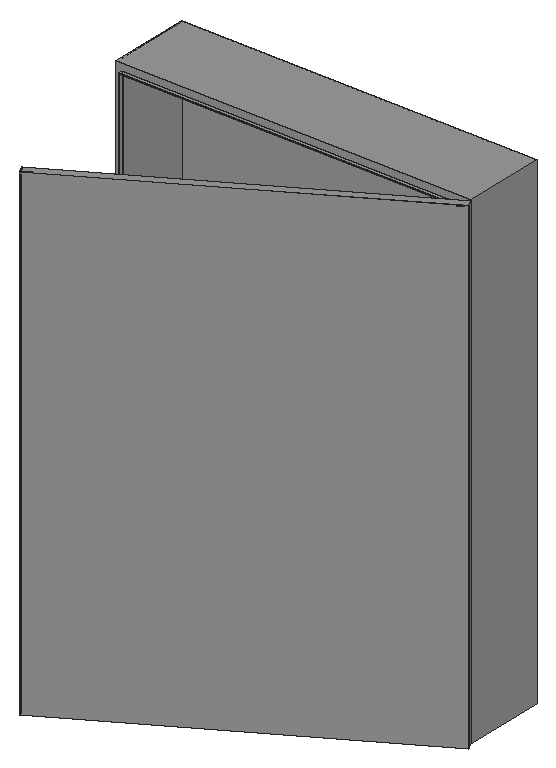
Revit family "Hager-Univers-IP54-D205-H1100-Cl.I-Encl-NoHosted-CH-en", category Equipement électrique, Revit 2020
Family settings
  Configuration du panneau = Deux colonnes, circuits au sein
  Cote de connecteur circulaire = Utiliser le diamètre
  Type d'élément = Tableau de raccordement
  Basée sur le plan de construction = Oui
  Toujours verticalement = Oui
  Couper avec des vides une fois chargée = Non
  Partagée = Non
  Point de calcul de pièce = Non
Parameters (values of type "Surface mounted (plaster) IP54 W800 H1100 D205  - FP73TW2")
  Width Control [instance] = if([EF000008 - Width] > Min Width, [EF000008 - Width], Min Width)  # 800 mm
  Commentaires du type = [HG000003 - Range]  # "Univers"
  Thickness Door [instance] = if([EF009171 - Material plate thickness door/cover] > 3 mm, 3 mm, [EF009171 - Material plate thickness door/cover])  # 1 mm
  Seal Frame Offset [instance] = 17 mm  # constant formula
  Plinth Visibility [instance] = [HG000027 - Plinth height] > 0 mm  # no
  Min Width [instance] = 100 mm  # constant formula
  Min Depth [instance] = (2 * [EF009170 - Material plate thickness cabinet]) + 1 mm  # 3 mm
  Min Height [instance] = 100 mm  # constant formula
  Internal Frame Depth [instance] = (Door System Depth * 0.5)  # 9 mm
  Panel Name [instance] = ""  # (empty or 0)
  Model = ""
  HG000027 - Plinth height = 0 mm
  HG000026 - Floor standing = no
  HG000024 - Bottom section height = 600 mm
  HG000023 - Double section enclosure = no
  HG000016 - Door 3d visibility [instance] = yes
  HG000015 - Clearance visibility [instance] = no
  HG000014 - Door on the right [instance] = yes
  HG000013 - Door on the left [instance] = not([HG000014 - Door on the right])  # no
  HG000012 - Door swing angle [instance] = 30.00°
  HG000010 - Asymmetric doors = no
  HG000009 - Double swing door = no
  HG000006 - Flush mounted = no
  HG000004 - Manufacturer reference = "FP73TW2"
  HG000003 - Range = "Univers"
  HG000002 - With door or cover = yes
  Frame Offset Bottom [instance] = 10 mm  # constant formula
  Frame Offset [instance] = 15 mm  # constant formula
  EF015940 - Cover with overpressure release = no
  EF011959 - Degree of protection (NEMA) = ""
  EF009554 - Number of openings for flange plates = 6
  EF009212 - Cover model = "EV000116 - Closed"
  EF009171 - Material plate thickness door/cover = 1 mm
  EF009170 - Material plate thickness cabinet = 1 mm
  EF008873 - Nominal current (In) = 250 A
  EF007800 - Suitable for lightning protection = no
  EF006306 - With lock = no
  EF006244 - Transparent cover/door = no
  EF005474 - Degree of protection (IP) = "EV006419 - IP54"
  EF004464 - Type of door = "EV002646 - Single"
  EF004427 - Number of modules = 252
  EF004293 - Impact strength = "EV006815 - IK09"
  EF003532 - Suitable for outdoor use = no
  EF002950 - Width in number of modular spacings = 36
  EF001613 - Circuit integrity = "EV000494 - None"
  EF001596 - Material housing = "EV000179 - Steel"
  EF001131 - Internal depth = 130 mm
  EF001088 - Extension possible = yes
  EF000437 - Number of conduit inlets = 6
  EF000339 - Type of cover = "EV001012 - Cover"
  EF000266 - Number of rows = 7
  EF000218 - Built-in depth = 205 mm
  EF000118 - With mounting plate = no
  EF000116 - RAL-number = "9010"
  EF000049 - Depth = 205 mm
  EF000040 - Height = 1100 mm
  EF000008 - Width = 800 mm
  EF000007 - Colour = "EV000202 - White"
  EF000003 - Mounting method = "EV000384 - Surface mounted (plaster)"
  Door System Leaf Tolerance [instance] = 1.5 mm  # constant formula
  Door System Depth [instance] = 18 mm  # constant formula
  Door Height [instance] = Height Control - [HG000027 - Plinth height]  # 1100 mm
  Description = ""
  Default Elevation = 1219.2 mm
  Connector Offset [instance] = Height Control / 2  # 550 mm
  Fabricant = "Hager"  # constant formula
  Height Control [instance] = if([EF000040 - Height] > Min Height, [EF000040 - Height], Min Height)  # 1100 mm
  Depth Control [instance] = if([EF000049 - Depth] > Min Depth, [EF000049 - Depth], Min Depth)  # 205 mm
  Bottom Top Plate Trim [instance] = 1.5 mm  # constant formula
  Plinth height Ctrl [instance] = if([HG000027 - Plinth height] > 0 mm, [HG000027 - Plinth height], 12 mm)  # 12 mm
Types (4, lengths in mm): name | Width Control | HG000004 - Manufacturer reference | EF009554 - Number of openings for flange plates | EF004464 - Type of door | EF004427 - Number of modules | EF002950 - Width in number of modular spacings | EF000437 - Number of conduit inlets | EF000008 - Width
  Surface mounted (plaster) IP54 W1050 H1100 D205  - FP74TW2 | 1050 | "FP74TW2" | 8 | "EV003602 - Double" | 336 | 48 | 8 | 1050
  Surface mounted (plaster) IP54 W1300 H1100 D205  - FP75TW2 | 1300 | "FP75TW2" | 10 | "EV003602 - Double" | 420 | 60 | 10 | 1300
  Surface mounted (plaster) IP54 W550 H1100 D205  - FP72TW2 | 550 | "FP72TW2" | 4 | "EV002646 - Single" | 168 | 24 | 4 | 550
  Surface mounted (plaster) IP54 W800 H1100 D205  - FP73TW2 | 800 | "FP73TW2" | 6 | "EV002646 - Single" | 252 | 36 | 6 | 800
Reference planes
  plane 1 "Center (Front/Back)": y = 0
  plane 2: z = 0
  plane 3 "Center (Left/Right)": x = 0
  plane 4: y = 0
  plane 5: y = 0
  plane 6: z = 0
  plane 7: x = -400
  plane 8: x = 400
  plane 9: x = 399
  plane 10: x = -399
  plane 11: z = 0
  plane 12: z = 1
  plane 13: y = -205
  plane 14: y = -1
  plane 15: x = 0
  plane 16: y = -187
  plane 17: y = -204
  plane 18: y = -186
  plane 19: x = -384
  plane 20: x = 384
  plane 21: z = 11
  plane 22: x = -383
  plane 23: x = 383
  plane 24: z = 0
  plane 25: z = 1100
  plane 26: z = 1100
  plane 27: z = 1084
  plane 28: z = 1099
Forms (mm)
  Extrusion 1, solid, material "Hager_Steel_RAL7035_Light_Grey", detail levels medium+fine
    sketch origin (-208.679, -4572, 0) x (-1, 0, 0) y (0, -1, 0)
      loop
        line (191.321, -4385) -> (-608.679, -4385) -> (-608.679, -4572) -> (191.321, -4572) -> (191.321, -4385)
    from 0 to 1100
  Extrusion 2, void
    sketch origin (-350.771, -205, 1219.2) x (1, 0, 0) y (0, 0, 1)
      loop
        line (-48.229, -120.2) -> (-48.229, -1218.2) -> (749.771, -1218.2) -> (749.771, -120.2) -> (-48.229, -120.2)
    from -19 to -204
  Extrusion 3, void
    sketch origin (-290.084, -187, 1219.2) x (1, 0, 0) y (0, 0, 1)
      loop
        line (-93.916, -1208.2) -> (674.084, -1208.2) -> (674.084, -135.2) -> (-93.916, -135.2) -> (-93.916, -1208.2)
    from 0 to -1
  Extrusion 4, solid, material "Hager_Steel_RAL7035_Light_Grey", visible <- "Plinth Visibility", detail levels medium+fine
    sketch origin (0, 0, 0) x (1, 0, 0) y (0, 1, 0)
      loop
        line (-400, 0) -> (-400, -187) -> (400, -187) -> (400, 0) -> (-400, 0)
    from 0 to 12 <- "Plinth height Ctrl"
  Extrusion 5, solid, material "Hager_Steel_RAL7035_Light_Grey", detail levels coarse
    sketch origin (0, 0, 0) x (1, 0, 0) y (0, 1, 0)
      loop
        line (-400, 0) -> (-400, -205) -> (400, -205) -> (400, 0) -> (-400, 0)
    from 0 to 1100 <- "Height Control"
  Sweep 6, void
    path in 3D
      loop
        line (-400, -187, 12) -> (400, -187, 12) -> (400, 0, 12) -> (-400, 0, 12) -> (-400, -187, 12)
    profile origin (-400, -93.5, 12) x (1, 0, 0) y (0, 0, 1)
      loop
        line (0, 0) -> (0, -1.5) -> (1.5, -1.5)
        arc (1.5, -1.5) -> (1.061, -0.439) -> (0, 0) r 1.5
  Extrusion 7, solid, material "Hager_Steel_RAL7035_Light_Grey", detail levels fine
    sketch origin (-400, -187, 0) x (1, 0, 0) y (0, 0, 1)
      loop
        line (16, 11) -> (784, 11) -> (784, 1084) -> (16, 1084) -> (16, 11)
      loop
        line (15, 10) -> (785, 10) -> (785, 1085) -> (15, 1085) -> (15, 10)
    from 0 to 9 <- "Internal Frame Depth"
Cuts and joins
  Extrusion 2, Extrusion 3 cuts Extrusion 1
  Sweep 6 cuts Extrusion 4
Lines and regions (mm)
  Masking region 1
    outline origin (0, 0, 0) x (1, 0, 0) y (0, 1, 0)
      loop
        line (-400, 0) -> (-400, -205) -> (400, -205) -> (400, 0) -> (-400, 0)
  Masking region 2, detail levels coarse
    outline origin (-290.084, -187, 1219.2) x (-1, 0, 0) y (0, 0, 1)
      loop
        line (-690.084, -1219.2) -> (109.916, -1219.2) -> (109.916, -119.2) -> (-690.084, -119.2) -> (-690.084, -1219.2)
  Masking region 3, detail levels coarse
    outline origin (0, 0, 0) x (0, 1, 0) y (0, 0, 1)
      loop
        line (0, 0) -> (0, 1100) -> (-205, 1100) -> (-205, 0) -> (0, 0)
  Masking region 4, visible <- "Plinth Visibility", detail levels medium+fine
    outline origin (0, 0, 0) x (0, 1, 0) y (0, 0, 1)
      loop
        line (-1.5, 12) -> (-185.5, 12)
        arc (-185.5, 12) -> (-185.939, 10.939) -> (-187, 10.5) r 1.5
        line (-187, 10.5) -> (-187, 0) -> (0, 0) -> (0, 10.5)
        arc (0, 10.5) -> (-1.061, 10.939) -> (-1.5, 12) r 1.5
  Masking region 5, detail levels medium+fine
    outline origin (0, 0, 594.038) x (0, 1, 0) y (0, 0, 1)
      loop
        line (0, -594.038) -> (0, 505.962) -> (-187, 505.962) -> (-187, -594.038) -> (0, -594.038)
  Masking region 6, detail levels medium+fine
    outline origin (-359.7, -187, 1211.883) x (-1, 0, 0) y (0, 0, 1)
      loop
        line (-759.7, -1211.883) -> (40.3, -1211.883) -> (40.3, -111.883) -> (-759.7, -111.883) -> (-759.7, -1211.883)
  Masking region 7, visible <- "Plinth Visibility", detail levels medium+fine
    outline origin (-320.334, -187, 1041.368) x (-1, 0, 0) y (0, 0, 1)
      loop
        line (-720.334, -1041.368) -> (79.666, -1041.368) -> (79.666, -1030.868)
        arc (79.666, -1030.868) -> (78.606, -1030.429) -> (78.166, -1029.368) r 1.5
        line (78.166, -1029.368) -> (-718.834, -1029.368)
        arc (-718.834, -1029.368) -> (-719.273, -1030.429) -> (-720.334, -1030.868) r 1.5
        line (-720.334, -1030.868) -> (-720.334, -1041.368)
  sketch lines
    curve 1: line (-400, 0, 12) -> (-400, -187, 12)
    curve 2: line (-400, -187, 12) -> (400, -187, 12)
    curve 3: line (400, 0, 12) -> (-400, 0, 12)
    curve 4: line (400, -187, 12) -> (400, 0, 12)
Dimensions and locks
  locked: plane 1 "Center (Front/Back)" to plane 5
  "EF009170 - Material plate thickness cabinet": plane 7 to plane 10
  "EF009170 - Material plate thickness cabinet": plane 8 to plane 9
  equal spacing: plane 7, plane 3 "Center (Left/Right)", plane 8
  "Width Control": plane 7 to plane 8
  "Depth Control": plane 4 to plane 13
  "EF009170 - Material plate thickness cabinet": plane 4 to plane 14
  "Height Control": plane 25 to level
  "HG000027 - Plinth height": plane 11 to level
  "EF009170 - Material plate thickness cabinet": plane 12 to plane 11
  "EF009170 - Material plate thickness cabinet": plane 17 to plane 13
  "EF009170 - Material plate thickness cabinet": plane 18 to plane 16
  "Frame Offset Bottom": plane 21 to plane 12
  "Frame Offset": plane 10 to plane 19
  "Frame Offset": plane 9 to plane 20
  "Door System Depth": plane 16 to plane 13
  "Seal Frame Offset": plane 7 to plane 22
  "Seal Frame Offset": plane 8 to plane 23
  "EF009170 - Material plate thickness cabinet": plane 26 to plane 28
  "Frame Offset": plane 28 to plane 27
  "Connector Offset": plane 2 to connector elem
  "Bottom Top Plate Trim": profile plane to Sweep 6 sketch curve
  "Bottom Top Plate Trim": Sweep 6 sketch curve to Sweep 6 sketch curve
  "Plinth height Ctrl": Masking region 4 sketch curve to level
  "Plinth height Ctrl": Masking region 7 sketch curve to level
  "Thickness Door": Extrusion 7 sketch curve to Extrusion 7 sketch curve  (x4)
  "Bottom Top Plate Trim": radius of Sweep 6 sketch curve
  "Bottom Top Plate Trim": radius of Masking region 4 sketch curve  (x2)
  "Bottom Top Plate Trim": radius of Masking region 7 sketch curve  (x2)
  aligned and locked: Extrusion 2 sketch curve to plane 12
  aligned and locked: Extrusion 2 sketch curve to plane 9
  aligned and locked: Extrusion 2 sketch curve to plane 10
  aligned and locked: Extrusion 2 to plane 14
  aligned and locked: Extrusion 1 sketch curve to plane 4
  aligned and locked: plane 8 to Extrusion 1 sketch curve
  aligned and locked: plane 7 to Extrusion 1 sketch curve
  aligned and locked: Extrusion 2 to plane 18
  aligned and locked: Extrusion 3 sketch curve to plane 19
  aligned and locked: plane 20 to Extrusion 3 sketch curve
  aligned and locked: Extrusion 3 to Extrusion 2
  aligned and locked: Extrusion 3 sketch curve to plane 21
  aligned and locked: plane 3 "Center (Left/Right)" to nested 1
  aligned and locked: Extrusion 1 sketch curve to plane 16
  aligned and locked: Extrusion 4 sketch curve to cut or joined group of Extrusion 1, Extrusion 2, Extrusion 3
  aligned and locked: Masking region 1 sketch curve to plane 7
  aligned and locked: Masking region 1 sketch curve to plane 5
  aligned and locked: Masking region 1 sketch curve to plane 8
  aligned and locked: Masking region 2 sketch curve to level
  aligned and locked: level to Masking region 3 sketch curve
  aligned and locked: plane 1 "Center (Front/Back)" to Masking region 3 sketch curve
  aligned and locked: plane 13 to Masking region 3 sketch curve
  aligned and locked: plane 5 to Masking region 4 sketch curve
  aligned and locked: Masking region 2 sketch curve to plane 8
  aligned and locked: Masking region 2 sketch curve to plane 7
  aligned and locked: plane 7 to nested 2
  aligned and locked: nested 2 to plane 5
  aligned and locked: plane 5 to Masking region 5 sketch curve
  aligned and locked: plane 26 to Masking region 5 sketch curve
  aligned and locked: Extrusion 5 sketch curve to plane 8
  aligned and locked: Extrusion 5 sketch curve to plane 7
  aligned and locked: Extrusion 5 sketch curve to plane 5
  aligned and locked: Extrusion 3 sketch curve to plane 27
  aligned and locked: Extrusion 2 sketch curve to plane 28
  aligned and locked: Masking region 2 to plane 25
  aligned and locked: Extrusion 4 to plane 16
  aligned and locked: profile plane to Sweep 6 sketch curve
  aligned and locked: Masking region 5 sketch curve to plane 24
  aligned and locked: level to Masking region 4 sketch curve
  aligned and locked: Masking region 1 to plane 13
  aligned and locked: nested 1 to plane 16
  aligned and locked: Masking region 3 to plane 25
  aligned and locked: plane 16 to Masking region 4 sketch curve
  aligned and locked: Masking region 5 sketch curve to plane 16
  aligned and locked: plane 24 to plane 11
  aligned and locked: plane 26 to plane 25
  aligned and locked: plane 26 to cut or joined group of Extrusion 1, Extrusion 2, Extrusion 3
  aligned and locked: nested 1 to plane 24
  aligned and locked: Extrusion 1 to Extrusion 3
  aligned and locked: Masking region 6 sketch curve to plane 8
  aligned and locked: Masking region 6 sketch curve to plane 24
  aligned and locked: Masking region 6 sketch curve to plane 7
  aligned and locked: Masking region 6 sketch curve to plane 26
  aligned and locked: Masking region 7 sketch curve to plane 7
  aligned and locked: level to Masking region 7 sketch curve
  aligned and locked: Masking region 7 sketch curve to plane 8
  aligned and locked: Extrusion 7 sketch curve to cut or joined group of Extrusion 1, Extrusion 2, Extrusion 3  (x4)
Automatic sketch dimensions
  plane 19 to Extrusion 3 sketch curve = 0 mm
  Extrusion 3 sketch curve to plane 20 = 0 mm
  Extrusion 3 sketch curve to plane 21 = 0 mm
  Extrusion 4 sketch curve to plane 7 = 0 mm
  Extrusion 4 sketch curve to plane 8 = 0 mm
  Extrusion 4 sketch curve to plane 16 = 0 mm
  Masking region 1 sketch curve to plane 13 = 0 mm
  Masking region 2 sketch curve to plane 25 = 0 mm
  Masking region 3 sketch curve to plane 25 = 0 mm
  Extrusion 5 sketch curve to plane 13 = 0 mm
  profile plane to Sweep 6 sketch curve = 0 mm
Nested families
  nested 1: "EC000058_Univers_Door" at (0, -187, 0), Double <- "HG000009 - Double swing door", Transparent <- "EF006244 - Transparent cover/door", Angle <- "HG000012 - Door swing angle", Door_Right <- "HG000014 - Door on the right", Assymetrical <- "HG000010 - Asymmetric doors", Door <- "HG000002 - With door or cover", Width_Ctrl <- "Width Control", 3d_Door <- "HG000016 - Door 3d visibility", Clearance <- "HG000015 - Clearance visibility", Door_Left <- "HG000013 - Door on the left", Width <- "Width Control", Door_Depth <- "Door System Depth", Leaf_Tolerance <- "Door System Leaf Tolerance", Height <- "Door Height", Lock_Visibility <- "EF006306 - With lock", Thickness <- "Thickness Door", type "EC000058_Univers_Door", detail levels medium+fine
    with min_wh 3 mm, Width_Ctrl 800 mm, Width 800 mm, Transparent no, Thickness 1 mm, Seal_Material Hager_Rubber, Lock_Visibility no, Lock_Material Hager_Plastic_RAL9005_Jet_Black, Leaf_Width 800 mm, Leaf_Tolerance_External_Sides 0 mm, Leaf_Tolerance 1.5 mm, Leaf_Offset 0 mm, Leaf_Height 1097 mm, Leaf_2_Width 800 mm, Leaf_2_Offset 400 mm, Leaf_1_Width 800 mm, Leaf_1_Offset 400 mm, Height_Ctrl 1100 mm, Height 1100 mm, Glass_Material Hager_Glass, Double_Clearance_Ctrl no, Double no, Door_Right_Ctrl yes, Door_Right yes, Door_Material Hager_Steel_RAL7035_Light_Grey, Door_Left_Ctrl no, Door_Left no, Door_Depth 18 mm, Door yes, Clearance_Material Hager_Clearance, Clearance_Depth 800 mm, Clearance_Ctrl no, Clearance no, Assymetrical no, Angle 30.00°, 3d_Door yes
  nested 2: "Hager_Enclosure_Symbol" at (-400, 0, 0), Height <- "Depth Control", Width <- "Width Control", type "Hager_Enclosure_Symbol"
    with Width_Ctrl 800 mm, Width 800 mm, Height_Ctrl 205 mm, Height 205 mm, A_Width_Int 13.453 mm, A_Width 161.438 mm, A_Height_Ctrl 179.375 mm, A_Height 179.375 mm
Connectors
  electrical at (0, 0, 550)
    settings: on plane 1 "Center (Front/Back)", index 1, voltage 0 V, apparent load 0 VA, apparent load phase1 0 VA, apparent load phase2 0 VA, apparent load phase3 0 VA, power factor 1, load classification "Other", number of poles 1, system type 30, power factor state 1, is connector primary yes, connector utility no, sub classification motor no, connector description ""
Definition of nested family "EC000058_Univers_Door"
  Parameters (values of type "EC000058_Univers_Door")
    min_wh [instance] = (2 * Thickness) + 1 mm  # 11 mm
    Width_Ctrl [instance] = 400 mm
    Width [instance] = 500 mm
    Transparent [instance] = yes
    Thickness [instance] = 5 mm
    Seal_Material [instance] = none
    Lock_Visibility [instance] = yes
    Lock_Material [instance] = none
    Leaf_Width [instance] = if((Width_Ctrl - 2 * Leaf_Tolerance_External_Sides) > 0 mm, (Width_Ctrl - 2 * Leaf_Tolerance_External_Sides), min_wh)  # 400 mm
    Leaf_Tolerance_External_Sides [instance] = 0 mm  # constant formula
    Leaf_Tolerance [instance] = 1.5 mm
    Leaf_Offset [instance] = 0 mm  # constant formula
    Leaf_Height [instance] = if((Height_Ctrl - 2 * Leaf_Tolerance) > 0 mm, (Height_Ctrl - 2 * Leaf_Tolerance), min_wh)  # 497 mm
    Leaf_2_Width [instance] = if(and(and(Double, Assymetrical), Door_Left), (Leaf_Width / 3) - (Leaf_Tolerance / 2), if(and(and(Double, Assymetrical), Door_Right), (Leaf_Width / 3) * 2 - (Leaf_Tolerance / 2), if(and(Double, not(Assymetrical)), (Leaf_Width / 2) - Leaf_Tolerance, Leaf_Width)))  # 400 mm
    Leaf_2_Offset [instance] = if(and(Double, Assymetrical), Leaf_2_Width / 2, if(and(Double, not(Assymetrical)), Leaf_Width / 4, Leaf_Width / 2))  # 200 mm
    Leaf_1_Width [instance] = if(and(and(Double, Assymetrical), Door_Right), (Leaf_Width / 3) - (Leaf_Tolerance / 2), if(and(and(Double, Assymetrical), Door_Left), (Width / 3) * 2 - (Leaf_Tolerance / 2), if(and(Double, not(Assymetrical)), (Leaf_Width / 2) - Leaf_Tolerance, Leaf_Width)))  # 400 mm
    Leaf_1_Offset [instance] = if(and(Double, Assymetrical), Leaf_1_Width / 2, if(and(Double, not(Assymetrical)), Leaf_Width / 4, Leaf_Width / 2))  # 200 mm
    Height_Ctrl [instance] = if(Height > min_wh, Height, min_wh)  # 500 mm
    Height [instance] = 500 mm
    Glass_Material [instance] = none
    Double_Clearance_Ctrl [instance] = and(Double, Clearance)  # no
    Double [instance] = no
    Door_Right_Ctrl [instance] = and(or(Door_Right, Double), Door)  # yes
    Door_Right [instance] = yes
    Door_Material [instance] = none
    Door_Left_Ctrl [instance] = and(or(Door_Left, Double), Door)  # no
    Door_Left [instance] = no
    Door_Depth [instance] = 30 mm
    Door [instance] = yes
    Default Elevation = 1219.2 mm
    Clearance_Material [instance] = none
    Clearance_Depth [instance] = if(Leaf_1_Width > Leaf_2_Width, Leaf_1_Width, Leaf_2_Width)  # 400 mm
    Clearance_Ctrl [instance] = and(not(Double), Clearance)  # yes
    Clearance [instance] = yes
    Assymetrical [instance] = yes
    Angle [instance] = 30.00°
    3d_Door [instance] = yes
  Reference planes
    plane 1 "Center (Front/Back)": y = 0
    plane 2 "Bottom": z = 0
    plane 3 "Center (Left/Right)": x = 0
    plane 4: z = 500
    plane 5: x = -200
    plane 6: x = 200
    plane 7: z = 500
    plane 8: x = -200
    plane 9: z = 0
    plane 10: x = 200
    plane 11: y = 0
    plane 12: z = 1.5
    plane 13: x = -600
    plane 14: y = -400
    plane 15: x = 600
    plane 16: x = 0
    plane 17: x = 0
    plane 18: x = -200
    plane 19: x = 200
    plane 20: z = 498.5
  Forms (mm)
    Extrusion 1, solid, material <- "Clearance_Material", visible <- "Double_Clearance_Ctrl"
      sketch origin (1200, 0, 0) x (1, 0, 0) y (0, 0, -1)
        loop
          line (-1800, -498.5) -> (-600, -498.5) -> (-600, 0) -> (-1800, 0) -> (-1800, -498.5)
      from 0 to -400
  Dimensions and locks
    equal spacing: plane 5, plane 3 "Center (Left/Right)", plane 6
    "Width_Ctrl": plane 5 to plane 6
    "Leaf_Offset": plane 5 to plane 8
    "Leaf_Offset": plane 6 to plane 10
    "Leaf_Offset": plane 9 to level
    "Leaf_Offset": plane 4 to plane 7
    "Height_Ctrl": plane 4 to level
    "Leaf_Tolerance": plane 12 to plane 9
    locked: plane 11 to plane 1 "Center (Front/Back)"
    "Leaf_1_Offset": plane 18 to plane 16
    "Leaf_2_Offset": plane 17 to plane 19
    "Leaf_1_Width": plane 13 to plane 8
    "Leaf_2_Width": plane 10 to plane 15
    "Clearance_Depth": plane 14 to plane 1 "Center (Front/Back)"
    "Leaf_Tolerance_External_Sides": plane 8 to plane 18
    "Leaf_Tolerance_External_Sides": plane 19 to plane 10
    "Leaf_Tolerance": plane 7 to plane 20
    aligned and locked: level to plane 2 "Bottom"
    aligned and locked: nested 1 to plane 16
    aligned and locked: nested 2 to plane 17
    aligned and locked: Extrusion 1 to plane 13
    aligned and locked: plane 15 to Extrusion 1
    aligned and locked: Extrusion 1 to plane 14
    aligned and locked: plane 12 to nested 1
    aligned and locked: nested 2 to plane 12
    aligned and locked: Extrusion 1 to plane 11
    aligned and locked: plane 20 to Extrusion 1
    aligned and locked: nested 2 to plane 11
    aligned and locked: nested 1 to plane 11
  Automatic sketch dimensions
    Extrusion 1 sketch curve to level = 0 mm
    plane 5 to Extrusion 1 sketch curve = 400 mm
    plane 6 to Extrusion 1 sketch curve = 400 mm
    Extrusion 1 sketch curve to plane 4 = 1.5 mm
  Nested families
    nested 1: "EC000058_Univers_Door_Leaf" at (0, 0, 1.5), Width <- "Leaf_1_Width", visible <- "Door_Left_Ctrl", Leaf_Height <- "Leaf_Height", Angle <- "Angle", 3d_Door <- "3d_Door", Transparent <- "Transparent", Clearance Material <- "Clearance_Material", Clearance <- "Clearance_Ctrl", Door_Material <- "Door_Material", Glass_Material <- "Glass_Material", Door_Depth <- "Door_Depth", Lock_Material <- "Lock_Material", Seal_Material <- "Seal_Material", Lock_Visibility <- "Lock_Visibility", Thickness <- "Thickness", type "EC000058_Univers_Door_Leaf"
      with Width 400 mm, Transparent_Glass_Offset 30 mm, Transparent_Ctrl yes, Transparent yes, Thickness 5 mm, Standard no, Seal_Material none, Seal_D2 8 mm, Seal_D1 1 mm, Offset_Internal_Frame 10 mm, Lock_Width 20 mm, Lock_Visibility_3d yes, Lock_Visibility yes, Lock_Thickness_3 3 mm, Lock_Thickness_2 1 mm, Lock_Thickness_1 3 mm, Lock_Radius_Offset_2 16 mm, Lock_Radius_Offset_1 15 mm, Lock_Radius_2 5 mm, Lock_Radius 6 mm, Lock_Offset 5 mm, Lock_Material none, Lock_Height 80 mm, Lock_Cover_Top_Offset_2d 17 mm, Lock_Cover_Height -65 mm, Leaf_Height 497 mm, Internal_Seal_Thickness 8 mm, Internal_Seal_Depth_2 4.5 mm, Internal_Frame_Depth 25 mm, Glass_Thickness -1 mm, Glass_Offset -2 mm, Glass_Material none, Door_Material none, Door_Depth 30 mm, Clearance Material none, Clearance yes, Angle_Ctrl 30.00°, Angle 30.00°, 3d_Door yes
    nested 2: "EC000058_Univers_Door_Leaf" at (0, 0, 1.5) x (-1, 0, 0) z (0, 0, 1), Width <- "Leaf_2_Width", visible <- "Door_Right_Ctrl", Leaf_Height <- "Leaf_Height", Angle <- "Angle", 3d_Door <- "3d_Door", Transparent <- "Transparent", Clearance Material <- "Clearance_Material", Clearance <- "Clearance_Ctrl", Door_Material <- "Door_Material", Glass_Material <- "Glass_Material", Door_Depth <- "Door_Depth", Lock_Material <- "Lock_Material", Seal_Material <- "Seal_Material", Lock_Visibility <- "Lock_Visibility", Thickness <- "Thickness", type "EC000058_Univers_Door_Leaf"
      with Width 400 mm, Transparent_Glass_Offset 30 mm, Transparent_Ctrl yes, Transparent yes, Thickness 5 mm, Standard no, Seal_Material none, Seal_D2 8 mm, Seal_D1 1 mm, Offset_Internal_Frame 10 mm, Lock_Width 20 mm, Lock_Visibility_3d yes, Lock_Visibility yes, Lock_Thickness_3 3 mm, Lock_Thickness_2 1 mm, Lock_Thickness_1 3 mm, Lock_Radius_Offset_2 16 mm, Lock_Radius_Offset_1 15 mm, Lock_Radius_2 5 mm, Lock_Radius 6 mm, Lock_Offset 5 mm, Lock_Material none, Lock_Height 80 mm, Lock_Cover_Top_Offset_2d 17 mm, Lock_Cover_Height -65 mm, Leaf_Height 497 mm, Internal_Seal_Thickness 8 mm, Internal_Seal_Depth_2 4.5 mm, Internal_Frame_Depth 25 mm, Glass_Thickness -1 mm, Glass_Offset -2 mm, Glass_Material none, Door_Material none, Door_Depth 30 mm, Clearance Material none, Clearance yes, Angle_Ctrl 30.00°, Angle 30.00°, 3d_Door yes
  Definition of nested family "EC000058_Univers_Door_Leaf"
    Parameters (values of type "EC000058_Univers_Door_Leaf")
      Width [instance] = 2000 mm
      Transparent_Glass_Offset [instance] = 30 mm
      Transparent_Ctrl [instance] = and(Transparent, [3d_Door])  # yes
      Transparent [instance] = yes
      Thickness [instance] = 5 mm
      Standard [instance] = and(not(Transparent), [3d_Door])  # no
      Seal_Material [instance] = none
      Seal_D2 [instance] = 8 mm  # constant formula
      Seal_D1 [instance] = 1 mm  # constant formula
      Offset_Internal_Frame [instance] = 10 mm  # constant formula
      Lock_Width [instance] = 20 mm  # constant formula
      Lock_Visibility_3d [instance] = and(Lock_Visibility, [3d_Door])  # yes
      Lock_Visibility [instance] = yes
      Lock_Thickness_3 [instance] = 3 mm  # constant formula
      Lock_Thickness_2 [instance] = 1 mm  # constant formula
      Lock_Thickness_1 [instance] = 3 mm  # constant formula
      Lock_Radius_Offset_2 [instance] = Lock_Radius_Offset_1 + 1 mm  # 16 mm
      Lock_Radius_Offset_1 [instance] = 15 mm  # constant formula
      Lock_Radius_2 [instance] = Lock_Radius - 1 mm  # 5 mm
      Lock_Radius [instance] = 6 mm  # constant formula
      Lock_Offset [instance] = 5 mm  # constant formula
      Lock_Material [instance] = none
      Lock_Height [instance] = 80 mm  # constant formula
      Lock_Cover_Top_Offset_2d [instance] = Lock_Radius_Offset_2 + 1 mm  # 17 mm
      Lock_Cover_Height [instance] = -(Lock_Height - Lock_Radius_Offset_1)  # -65 mm
      Leaf_Height [instance] = 2720.336 mm
      Internal_Seal_Thickness [instance] = 8 mm  # constant formula
      Internal_Seal_Depth_2 [instance] = 4.5 mm  # constant formula
      Internal_Frame_Depth [instance] = if(Door_Depth - Thickness > 5 mm, Door_Depth - Thickness, 5 mm)  # 25 mm
      Glass_Thickness [instance] = if(Thickness > 15 mm, Glass_Offset + 10 mm, -1 mm)  # -1 mm
      Glass_Offset [instance] = if(Thickness > 15 mm, -(Thickness + 10 mm) / 2, -2 mm)  # -2 mm
      Glass_Material [instance] = none
      Door_Material [instance] = none
      Door_Depth [instance] = 30 mm
      Default Elevation = 0 mm
      Clearance Material [instance] = none
      Clearance [instance] = yes
      Angle_Ctrl [instance] = if(Angle > 180.00°, 180.00°, Angle)  # 90.00°
      Angle [instance] = 90.00°
      3d_Door [instance] = yes
    Reference planes
      plane 1 "Center (Front/Back)": y = 0
      plane 2: z = 0
      plane 3 "Center (Left/Right)": x = 0
      plane 4: y = 2000
      plane 5: x = -1000
      plane 6: x = 1000
      plane 7: x = -3000
      plane 8: z = 2720.336
      plane 9: z = 30
      plane 10: z = 2690.336
      plane 11: x = 970
      plane 12: x = -970
      plane 13: y = -3
      plane 14: z = 107.833
      plane 15: y = -5
      plane 16: y = -223.314
      plane 17: x = -1000
      plane 18: z = 1360.168
      plane 19: y = 30
    Forms (mm)
      Extrusion 1, solid, material <- "Clearance Material", visible <- "Clearance"
        sketch origin (0, 0, 0) x (1, 0, 0) y (0, 0, 1)
          loop
            line (-3000, 2720.336) -> (-3000, 0) -> (1000, 0) -> (1000, 2720.336) -> (-3000, 2720.336)
        from 0 to -2000
      Extrusion 2, solid, material <- "Door_Material", visible <- "Standard", detail levels medium+fine
        sketch origin (-1000, 0, 0) x (0, 1, 0) y (-1, 0, 0)
          loop
            line (0, 30) -> (0, 25) -> (2000, 25) -> (2000, 30) -> (0, 30)
        from 0 to 2720.336 <- "Leaf_Height"
      Extrusion 3, solid, material <- "Door_Material", visible <- "Transparent_Ctrl", detail levels medium+fine
        sketch origin (-1000, 0, 0) x (0, 1, 0) y (-1, 0, 0)
          loop
            line (0, 25) -> (2000, 25) -> (2000, 30) -> (0, 30) -> (0, 25)
        from 0 to 2720.336 <- "Leaf_Height"
      Extrusion 4, void
        sketch origin (-1025, 2000, 0) x (0, 1, 0) y (0, 0, -1)
          loop
            line (-30, -2690.336) -> (-30, -30) -> (-1970, -30) -> (-1970, -2690.336) -> (-30, -2690.336)
        from 0 to 5 <- "Thickness"
      Sweep 5, solid, material <- "Seal_Material", visible <- "Transparent_Ctrl", detail levels fine
        path in 3D
          loop
            line (-1025, 30, 30) -> (-1025, 30, 2690.336) -> (-1025, 1970, 2690.336) -> (-1025, 1970, 30) -> (-1025, 30, 30)
        profile origin (-1025, 1000, 30) x (1, 0, 0) y (0, 0, 1)
          loop
            line (0, 0) -> (0, -8) -> (1, -8) -> (1, 0) -> (0, 0)
      Extrusion 6, solid, material <- "Glass_Material", visible <- "Transparent_Ctrl", detail levels medium+fine
        sketch origin (-1030, 0, 0) x (0, 1, 0) y (0, 0, -1)
          loop
            line (1970, -2690.336) -> (1970, -30) -> (30, -30) -> (30, -2690.336) -> (1970, -2690.336)
        from -2 <- "Glass_Offset" to -1 <- "Glass_Thickness"
      Extrusion 7, solid, material <- "Door_Material", visible <- "3d_Door", detail levels medium+fine
        sketch origin (-1025, 2000, 0) x (0, -1, 0) y (0, 0, -1)
          loop
            line (0, -2720.336) -> (2000, -2720.336) -> (2000, 0) -> (0, 0) -> (0, -2720.336)
          loop
            line (1995, -5) -> (5, -5) -> (5, -2715.336) -> (1995, -2715.336) -> (1995, -5)
        from 0 to 25 <- "Internal_Frame_Depth"
      Sweep 8, solid, material <- "Seal_Material", visible <- "Transparent_Ctrl", detail levels fine
        path in 3D
          loop
            line (-1025, 0, 0) -> (-1025, 2000, 0) -> (-1025, 2000, 2720.336) -> (-1025, 0, 2720.336) -> (-1025, 0, 0)
        profile origin (-1025, 0, 1360.168) x (1, 0, 0) y (0, 1, 0)
          loop
            line (0, 10) -> (2.975, 10)
            arc (2.975, 10) -> (4.053, 10.447) -> (4.5, 11.525) r 1.525
            line (4.5, 11.525) -> (4.5, 16.527)
            arc (4.5, 16.527) -> (4.069, 17.569) -> (3.027, 18) r 1.473
            line (3.027, 18) -> (0, 18) -> (0, 10)
      Extrusion 9, solid, material <- "Lock_Material", visible <- "Lock_Visibility_3d", detail levels fine
        sketch origin (-1030, 0, 0) x (0, 1, 0) y (0, 0, -1)
          loop
            arc (1993.5, -1400.168) -> (1994.561, -1399.729) -> (1995, -1398.668) r 1.5
            line (1995, -1398.668) -> (1995, -1320.168) -> (1975, -1320.168) -> (1975, -1398.668)
            arc (1975, -1398.668) -> (1975.439, -1399.729) -> (1976.5, -1400.168) r 1.5
            line (1976.5, -1400.168) -> (1993.5, -1400.168)
        from 3 <- "Lock_Thickness_1" to 0
      Blend 10, solid, material <- "Lock_Material", visible <- "Lock_Visibility_3d", detail levels fine
        base sketch origin (-1033, 0, 0) x (0, 1, 0) y (0, 0, -1)
          loop
            line (1975, -1320.168) -> (1975, -1398.668)
            arc (1975, -1398.668) -> (1975.439, -1399.729) -> (1976.5, -1400.168) r 1.5
            line (1976.5, -1400.168) -> (1993.5, -1400.168)
            arc (1993.5, -1400.168) -> (1994.561, -1399.729) -> (1995, -1398.668) r 1.5
            line (1995, -1398.668) -> (1995, -1320.168) -> (1975, -1320.168)
        top sketch origin (-1033, 0, 0) x (0, 1, 0) y (0, 0, -1)
          loop
            line (1976, -1320.168) -> (1976, -1398.668)
            arc (1976, -1398.668) -> (1976.146, -1399.022) -> (1976.5, -1399.168) r 0.5
            line (1976.5, -1399.168) -> (1993.5, -1399.168)
            arc (1993.5, -1399.168) -> (1993.854, -1399.022) -> (1994, -1398.668) r 0.5
            line (1994, -1398.668) -> (1994, -1320.168) -> (1976, -1320.168)
        from 0 to 1 <- "Lock_Thickness_2"
      Blend 11, solid, material <- "Lock_Material", visible <- "Lock_Visibility_3d", detail levels fine
        base sketch origin (-1034, 0, 0) x (0, 1, 0) y (0, 0, -1)
          loop
            line (1978, -1320.168) -> (1978, -1384.168)
            arc (1978, -1384.168) -> (1985, -1391.168) -> (1992, -1384.168) r 7
            line (1992, -1384.168) -> (1992, -1320.168) -> (1978, -1320.168)
        top sketch origin (-1034, 0, 0) x (0, 1, 0) y (0, 0, -1)
          loop
            line (1991, -1320.168) -> (1979, -1320.168) -> (1979, -1383.168)
            arc (1979, -1383.168) -> (1985, -1389.168) -> (1991, -1383.168) r 6
            line (1991, -1383.168) -> (1991, -1320.168)
        from 0 to 3 <- "Lock_Thickness_3"
      Extrusion 12, solid, material <- "Lock_Material", visible <- "Lock_Visibility_3d", detail levels fine
        sketch origin (-1030, 1975, 1320.168) x (1, 0, 0) y (0, -1, 0)
          loop
            line (-7, -19) -> (-7, -1) -> (0, -1) -> (0, 0) -> (-8, 0) -> (-8, -20) -> (0, -20) -> (0, -19) -> (-7, -19)
        from 0 to -65 <- "Lock_Cover_Height"
      Extrusion 13, void
        sketch origin (-1038, 1995, 1320.168) x (-1, 0, 0) y (0, 0, -1)
          loop
            line (-5, -65) -> (0, -65) -> (-5, -60) -> (-5, -65)
        from 0 to 20 <- "Lock_Width"
      Extrusion 14, void
        sketch origin (-1038, 1975, 1320.168) x (0, -1, 0) y (0, 0, -1)
          loop
            circle (-10, -15.995) r 6
          loop
            circle (-10, -15.995) r 5
        from 0 to 2
      Extrusion 15, solid, material <- "Lock_Material", visible <- "Lock_Visibility_3d", detail levels medium
        sketch origin (-1030, 0, 0) x (0, 1, 0) y (0, 0, -1)
          loop
            arc (1993.5, -1400.168) -> (1994.561, -1399.729) -> (1995, -1398.668) r 1.5
            line (1995, -1398.668) -> (1995, -1320.168) -> (1975, -1320.168) -> (1975, -1398.668)
            arc (1975, -1398.668) -> (1975.439, -1399.729) -> (1976.5, -1400.168) r 1.5
            line (1976.5, -1400.168) -> (1993.5, -1400.168)
        from 8 to 0
    Cuts and joins
      Extrusion 4 cuts Extrusion 3
      Extrusion 13, Extrusion 14 cuts Extrusion 9
      Extrusion 14 cuts Blend 11
      Extrusion 13, Extrusion 14 cuts Extrusion 12
      joined: Extrusion 9, Blend 10, Blend 11, Extrusion 12
      Extrusion 14 cuts Extrusion 15
    Lines and regions (mm)
      Masking region 1, visible <- "Lock_Visibility", detail levels fine
        outline origin (0, 0, 0) x (0, 1, 0) y (0, 0, 1)
          loop
            line (30, 1320.168) -> (33, 1320.168) -> (33, 1400.168) -> (30, 1400.168) -> (30, 1320.168)
      Masking region 2, visible <- "Lock_Visibility", detail levels fine
        outline origin (0, 3.143, 0) x (0, 1, 0) y (0, 0, 1)
          loop
            line (29.857, 1354.168) -> (30.857, 1354.168) -> (30.857, 1366.168) -> (29.857, 1366.168) -> (29.857, 1354.168)
      Masking region 3, detail levels medium+fine
        outline origin (0, 0, 0) x (0, 1, 0) y (0, 0, 1)
          loop
            line (0, 0) -> (30, 0) -> (30, 2720.336) -> (0, 2720.336) -> (0, 0)
      Masking region 4, detail levels medium+fine
        outline origin (0, 0, 0) x (1, 0, 0) y (0, 0, 1)
          loop
            line (-1000, 2720.336) -> (-1000, 0) -> (1000, 0) -> (1000, 2720.336) -> (-1000, 2720.336)
      Masking region 5, visible <- "Lock_Visibility", detail levels fine
        outline origin (-47.116, 0, 0) x (1, 0, 0) y (0, 0, 1)
          loop
            arc (1024.616, 1399.168) -> (1023.556, 1398.729) -> (1023.116, 1397.668) r 1.5
            line (1023.116, 1397.668) -> (1023.116, 1320.168) -> (1041.116, 1320.168) -> (1041.116, 1397.668)
            arc (1041.116, 1397.668) -> (1040.677, 1398.729) -> (1039.616, 1399.168) r 1.5
            line (1039.616, 1399.168) -> (1024.616, 1399.168)
      Masking region 6, visible <- "Lock_Visibility", detail levels medium+fine
        outline origin (-25, 0, 0) x (1, 0, 0) y (0, 0, 1)
          loop
            arc (1001.5, 1400.168) -> (1000.439, 1399.729) -> (1000, 1398.668) r 1.5
            line (1000, 1398.668) -> (1000, 1320.168) -> (1020, 1320.168) -> (1020, 1398.668)
            arc (1020, 1398.668) -> (1019.561, 1399.729) -> (1018.5, 1400.168) r 1.5
            line (1018.5, 1400.168) -> (1001.5, 1400.168)
      Masking region 7, visible <- "Lock_Visibility", detail levels fine
        outline origin (-73.735, 0, 0) x (1, 0, 0) y (0, 0, 1)
          loop
            line (1051.735, 1382.168) -> (1065.735, 1382.168) -> (1065.735, 1384.168)
            arc (1065.735, 1384.168) -> (1058.735, 1391.168) -> (1051.735, 1384.168) r 7
            line (1051.735, 1384.168) -> (1051.735, 1382.168)
      Masking region 8, visible <- "Lock_Visibility", detail levels fine
        outline origin (-73.735, 0, 0) x (1, 0, 0) y (0, 0, 1)
          loop
            line (1052.735, 1382.168) -> (1064.735, 1382.168) -> (1064.735, 1383.168)
            arc (1064.735, 1383.168) -> (1058.735, 1389.168) -> (1052.735, 1383.168) r 6
            line (1052.735, 1383.168) -> (1052.735, 1382.168)
      Masking region 9, visible <- "Lock_Visibility", detail levels fine
        outline origin (-25, 0, 0) x (1, 0, 0) y (0, 0, 1)
          loop
            line (1020, 1320.168) -> (1020, 1382.168) -> (1000, 1382.168) -> (1000, 1320.168) -> (1020, 1320.168)
      Masking region 10, detail levels medium+fine
        outline origin (0, 0, 0) x (1, 0, 0) y (0, 0, 1)
          loop
            circle (985, 1335.144) r 6
      Masking region 11, detail levels fine
        outline origin (0, 0, 0) x (1, 0, 0) y (0, 0, 1)
          loop
            circle (985, 1335.144) r 5
      Masking region 12, visible <- "Lock_Visibility", detail levels fine
        outline origin (0, 12.767, 0) x (0, 1, 0) y (0, 0, 1)
          loop
            line (20.233, 1320.168) -> (21.233, 1320.168) -> (21.233, 1399.168) -> (20.233, 1400.168) -> (20.233, 1320.168)
      Masking region 13, visible <- "Lock_Visibility", detail levels fine
        outline origin (0, 13.767, -10) x (0, 1, 0) y (0, 0, 1)
          loop
            line (20.233, 1330.168) -> (23.233, 1330.168) -> (23.233, 1399.168) -> (20.233, 1402.168) -> (20.233, 1330.168)
      Masking region 14, visible <- "Lock_Visibility", detail levels fine
        outline origin (0, 12.767, -10) x (0, 1, 0) y (0, 0, 1)
          loop
            line (20.233, 1330.168) -> (25.233, 1330.168) -> (25.233, 1399.305) -> (20.233, 1394.305) -> (20.233, 1330.168)
      Masking region 15, visible <- "Lock_Visibility", detail levels medium
        outline origin (0, 0, 0) x (0, 1, 0) y (0, 0, 1)
          loop
            line (30, 1320.168) -> (38, 1320.168) -> (38, 1400.168) -> (30, 1400.168) -> (30, 1320.168)
      Masking region 16, visible <- "Lock_Visibility", detail levels fine
        outline origin (-1000, 0, 0) x (0, 1, 0) y (-1, 0, 0)
          loop
            line (1975, 30) -> (1995, 30) -> (1995, 38) -> (1975, 38) -> (1975, 30)
          loop
            line (1979, 37) -> (1976, 37) -> (1976, 34) -> (1978, 34) -> (1979, 37)
          loop
            line (1994, 37) -> (1991, 37) -> (1992, 34) -> (1994, 34) -> (1994, 37)
      Masking region 17, visible <- "Lock_Visibility", detail levels medium
        outline origin (-1000, 0, 0) x (0, 1, 0) y (-1, 0, 0)
          loop
            line (1975, 30) -> (1995, 30) -> (1995, 38) -> (1975, 38) -> (1975, 30)
      symbolic lines
        curve 1: line (1000, 0, 0) -> (-3000, 0, 0)
        curve 2: arc (1000, 0, 0) -> (-1000, 2000, 0) -> (-3000, 0, 0) r 2000
        curve 4: line (-1030, 0, 0) -> (-1030, 2000, 0)
      reference lines
        curve 3: line (-1000, 0, 0) -> (-1000, 2000, 0)
      symbolic lines, detail levels medium+fine
        curve 5: line (-1030, 2000, 0) -> (-1025, 2000, 0)
        curve 7: line (-1025, 0, 0) -> (-1030, 0, 0)
        curve 8: line (-1025, 0, 0) -> (-1000, 0, 0)
        curve 9: line (-1000, 0, 0) -> (-1000, 2000, 0)
        curve 10: line (-1000, 2000, 0) -> (-1025, 2000, 0)
      symbolic lines, detail levels fine
        curve 6: line (-1025, 2000, 0) -> (-1025, 0, 0)
      sketch lines
        curve 11: line (-1025, 0, 2720.336) -> (-1025, 0, 0)
        curve 12: line (-1025, 2000, 0) -> (-1025, 0, 0)
        curve 13: line (-1025, 2000, 2720.336) -> (-1025, 2000, 0)
        curve 14: line (-1025, 0, 2720.336) -> (-1025, 2000, 2720.336)
        curve 15: line (-1025, 1970, 30) -> (-1025, 30, 30)
        curve 16: line (-1025, 30, 30) -> (-1025, 30, 2690.336)
        curve 17: line (-1025, 1970, 2690.336) -> (-1025, 1970, 30)
        curve 18: line (-1025, 30, 2690.336) -> (-1025, 1970, 2690.336)
      symbolic lines, visible <- "Transparent", detail levels medium+fine
        curve 19: line (-970, 0, 2690.336) -> (970, 0, 2690.336)
        curve 20: line (-970, 0, 30) -> (-970, 0, 2690.336)
        curve 21: line (970, 0, 30) -> (-970, 0, 30)
        curve 22: line (970, 0, 2690.336) -> (970, 0, 30)
    Dimensions and locks
      "Width": plane 1 "Center (Front/Back)" to plane 4
      equal spacing: plane 5, plane 3 "Center (Left/Right)", plane 6
      "Width": plane 5 to plane 6
      "Width": plane 7 to plane 5
      "Leaf_Height": plane 8 to level
      "Width": curve 5 to curve 3
      "Width": curve 3 to curve 3
      plane 8 to plane 10 = 30 mm
      plane 9 to level = 30 mm
      plane 12 to plane 5 = 30 mm
      plane 6 to plane 11 = 30 mm
      Extrusion 1 to Extrusion 4 sketch curve = 30 mm
      "Transparent_Glass_Offset": curve 3 to Extrusion 4 sketch curve
      "Transparent_Glass_Offset": Extrusion 4 sketch curve to cut or joined group of Extrusion 3, Extrusion 4  (x2)
      cut or joined group of Extrusion 3, Extrusion 4 to Extrusion 6 sketch curve = 30 mm
      "Transparent_Glass_Offset": cut or joined group of Extrusion 3, Extrusion 4 to Extrusion 4 sketch curve
      "Thickness": curve 6 to curve 4
      "Thickness": Extrusion 7 sketch curve to Extrusion 7 sketch curve  (x4)
      "Door_Depth": curve 4 to curve 3
      "Offset_Internal_Frame": profile plane to Sweep 8 sketch curve
      "Internal_Seal_Thickness": Sweep 8 sketch curve to Sweep 8 sketch curve
      "Internal_Seal_Depth_2": profile plane to Sweep 8 sketch curve
      "Seal_D1": profile plane to Sweep 5 sketch curve
      "Seal_D2": profile plane to Sweep 5 sketch curve
      "Thickness": Extrusion 2 sketch curve to Extrusion 2 sketch curve
      equal spacing: Extrusion 9 sketch curve, plane 18, Extrusion 9 sketch curve  (x2)
      equal spacing: Masking region 1 sketch curve, plane 18, Masking region 1 sketch curve
      "Lock_Height": Masking region 1 sketch curve to Masking region 1 sketch curve
      "Lock_Radius": Masking region 2 sketch curve to plane 18 to Masking region 2 sketch curve
      Masking region 2 sketch curve to Masking region 1 = 1 mm
      "Door_Depth": plane 19 to plane 1 "Center (Front/Back)"
      "Lock_Thickness_1": Masking region 1 sketch curve to plane 19
      "Lock_Width": Extrusion 9 sketch curve to Extrusion 9 sketch curve
      "Lock_Height": Extrusion 9 sketch curve to Extrusion 9 sketch curve
      "Lock_Offset": cut or joined group of Extrusion 3, Extrusion 4 to Extrusion 9 sketch curve
      equal spacing: plane 8, plane 18, level
      "Lock_Radius_Offset_1": Blend 11 sketch curve to Blend 10
      locked: Blend 10 to Blend 11 sketch curve at 2  (x2)
      locked: var sketch to Blend 11 sketch curve at 1  (x2)
      "Lock_Radius_Offset_2": Blend 11 sketch curve to Blend 10
      locked: Extrusion 12 sketch curve to Extrusion 12 sketch curve at 1  (x3)
      Masking region 6 sketch curve to Masking region 6 sketch curve = 80 mm
      "Lock_Height": Masking region 6 sketch curve to Masking region 6 sketch curve
      "Lock_Width": Masking region 6 sketch curve to Masking region 6 sketch curve
      locked: Masking region 6 to Masking region 5 sketch curve at 1  (x3)
      locked: Masking region 5 to Masking region 7 sketch curve at 2  (x2)
      "Lock_Radius_Offset_1": Masking region 5 to Masking region 7 sketch curve
      "Lock_Radius_Offset_2": Masking region 5 to Masking region 8 sketch curve
      locked: Masking region 7 to Masking region 8 sketch curve at 1  (x2)
      "Lock_Cover_Top_Offset_2d": Masking region 5 to Masking region 9 sketch curve
      equal spacing: Masking region 9, Masking region 10 sketch curve, Masking region 9
      equal spacing: Masking region 9, Masking region 11 sketch curve, Masking region 9
      Extrusion 15 sketch curve to Extrusion 15 sketch curve = 80 mm
      "Lock_Width": Extrusion 15 sketch curve to Extrusion 15 sketch curve
      "Lock_Height": Extrusion 15 sketch curve to Extrusion 15 sketch curve
      equal spacing: Extrusion 15 sketch curve, plane 18, Extrusion 15 sketch curve
      "Lock_Thickness_3": Masking region 13 sketch curve to Masking region 13 sketch curve
      "Lock_Height": Masking region 12 sketch curve to Masking region 12 sketch curve
      locked: Masking region 13 sketch curve to Masking region 1 at 8
      locked: Masking region 14 sketch curve to Masking region 13 at 1
      locked: Masking region 14 sketch curve to Masking region 1 at 10.863
      "Lock_Height": Masking region 15 sketch curve to Masking region 15 sketch curve
      "Lock_Offset": Extrusion 15 sketch curve to cut or joined group of Extrusion 3, Extrusion 4
      "Lock_Offset": plane 6 to Masking region 6 sketch curve
      radius of Sweep 8 sketch curve = 1.525 mm
      radius of Sweep 8 sketch curve = 1.473 mm
      radius of Extrusion 9 sketch curve = 1.5 mm  (x2)
      "Lock_Radius": radius of Extrusion 14 sketch curve
      "Lock_Radius_2": radius of Extrusion 14 sketch curve
      "Lock_Radius": radius of Masking region 10 sketch curve
      "Lock_Radius_2": radius of Masking region 11 sketch curve
      radius of Extrusion 15 sketch curve = 1.5 mm  (x2)
      "Angle_Ctrl": angle plane 1 "Center (Front/Back)" to curve 3
      locked: Masking region 12 sketch curve to Masking region 12 sketch curve (angle 45.00°)
      locked: Masking region 13 sketch curve to Masking region 13 sketch curve (angle 45.00°)
      locked: Masking region 14 sketch curve to Masking region 14 sketch curve (angle 45.00°)
      aligned and locked: level to plane 2
      aligned and locked: Extrusion 1 to curve 1
      aligned and locked: plane 6 to Extrusion 1
      aligned and locked: Extrusion 1 to plane 1 "Center (Front/Back)"
      aligned and locked: plane 4 to Extrusion 1
      aligned and locked: plane 8 to Extrusion 1
      aligned and locked: curve 7 to Extrusion 2 sketch curve
      aligned and locked: curve 5 to Extrusion 2 sketch curve
      aligned and locked: curve 7 to Extrusion 3 sketch curve
      aligned and locked: Extrusion 3 sketch curve to curve 4
      aligned and locked: Extrusion 3 sketch curve to curve 6
      aligned and locked: Extrusion 3 sketch curve to curve 5
      aligned and locked: curve 9 to curve 3
      aligned and locked: Extrusion 7 sketch curve to cut or joined group of Extrusion 3, Extrusion 4  (x4)
      aligned and locked: plane 17 to curve 3
      aligned and locked: plane 1 "Center (Front/Back)" to curve 3
      aligned and locked: plane 17 to plane 5
      aligned and locked: Sweep 8 sketch curve to profile plane
      aligned and locked: Sweep 5 sketch curve to profile plane  (x2)
      aligned and locked: Masking region 1 to Masking region 2 sketch curve
      aligned and locked: plane 19 to Masking region 1 sketch curve
      aligned and locked: plane 1 "Center (Front/Back)" to Masking region 3 sketch curve
      aligned and locked: plane 19 to Masking region 3 sketch curve
      aligned and locked: level to Masking region 3 sketch curve
      aligned and locked: Masking region 3 sketch curve to plane 8
      aligned and locked: plane 17 to Masking region 4 sketch curve
      aligned and locked: level to Masking region 4 sketch curve
      aligned and locked: Masking region 4 sketch curve to plane 8
      aligned and locked: plane 12 to curve 20
      aligned and locked: plane 10 to curve 19
      aligned and locked: plane 11 to curve 22
      aligned and locked: curve 21 to plane 9
      aligned and locked: Extrusion 2 sketch curve to cut or joined group of Extrusion 3, Extrusion 4
      aligned and locked: Blend 10 sketch curve to Extrusion 9  (x4)
      aligned and locked: Extrusion 9 to Blend 10 sketch curve
      aligned and locked: Blend 10 to Blend 11 sketch curve
      aligned and locked: Extrusion 12 sketch curve to Blend 11
      aligned and locked: Extrusion 12 sketch curve to Extrusion 9  (x4)
      aligned and locked: Masking region 5 sketch curve to Masking region 6
      aligned and locked: Masking region 9 sketch curve to Masking region 6  (x3)
      aligned and locked: Masking region 12 sketch curve to Masking region 1
      aligned and locked: Masking region 13 sketch curve to Masking region 1
      aligned and locked: Masking region 12 to Masking region 14
      aligned and locked: Masking region 14 sketch curve to Masking region 1
      aligned and locked: Masking region 15 sketch curve to Masking region 14
      aligned and locked: Masking region 13 sketch curve to Masking region 12
      aligned and locked: Masking region 16 sketch curve to cut or joined group of Extrusion 14, Extrusion 15  (x4)
      aligned and locked: Masking region 16 sketch curve to cut or joined group of Extrusion 9, Blend 10, Blend 11, Extrusion 12, Extrusion 13, Extrusion 14  (x6)
      aligned and locked: cut or joined group of Extrusion 9, Blend 10, Blend 11, Extrusion 12, Extrusion 13, Extrusion 14 to Masking region 16 sketch curve
      aligned and locked: Masking region 17 sketch curve to cut or joined group of Extrusion 14, Extrusion 15  (x3)
      aligned and locked: Masking region 17 sketch curve to cut or joined group of Extrusion 9, Blend 10, Blend 11, Extrusion 12, Extrusion 13, Extrusion 14
      aligned and locked: Masking region 9 to Masking region 8 sketch curve
      aligned and locked: Masking region 9 to Masking region 7 sketch curve
    Automatic sketch dimensions
      plane 1 "Center (Front/Back)" to curve 2 = 0 mm
      curve 2 to plane 5 = 0 mm
      Extrusion 1 sketch curve to level = 0 mm
      Extrusion 1 sketch curve to plane 7 = 0 mm
      Extrusion 1 sketch curve to plane 6 = 0 mm
      Extrusion 1 sketch curve to plane 8 = 0 mm
      Extrusion 3 to Extrusion 6 sketch curve = 30 mm  (x4)
      Masking region 4 sketch curve to plane 6 = 0 mm
      Blend 10 sketch curve to Extrusion 9 = 1.5 mm
      Blend 10 sketch curve to Extrusion 9 = 1 mm
      Extrusion 13 sketch curve to Extrusion 12 = 0 mm  (x2)
      Extrusion 12 to Extrusion 13 sketch curve = 3 mm
      Extrusion 13 sketch curve to Extrusion 12 = 5 mm
      Extrusion 14 sketch curve to Extrusion 14 sketch curve = 0 mm  (x2)
      Extrusion 14 sketch curve to Extrusion 12 = 10 mm
      Extrusion 14 sketch curve to Extrusion 12 = 15.995 mm
      Masking region 5 sketch curve to Masking region 5 sketch curve = 1.5 mm  (x2)
      Masking region 10 sketch curve to plane 18 = 25.024 mm
      Masking region 11 sketch curve to plane 18 = 25.024 mm
      plane 19 to Masking region 14 sketch curve = 3 mm
      Masking region 16 sketch curve to Masking region 16 sketch curve = 3 mm
      curve 4 to curve 3 = 0 mm
      Blend 10 to Blend 11 sketch curve = 0 mm
      Masking region 6 sketch curve to Masking region 6 sketch curve = 1.5 mm  (x2)
      Masking region 6 sketch curve to plane 18 = 40 mm
      plane 19 to Masking region 12 sketch curve = 3 mm
      Masking region 12 sketch curve to Masking region 12 sketch curve = 1 mm
      Masking region 15 sketch curve to plane 19 = 0 mm
      Masking region 15 sketch curve to plane 18 = 40 mm
      radius of Blend 10 sketch curve to Extrusion 9 = 1 mm
Definition of nested family "Hager_Enclosure_Symbol"
  Parameters (values of type "Hager_Enclosure_Symbol")
    Width_Ctrl [instance] = if(Width > 1 mm, Width, 1 mm)  # 102.27 mm
    Width [instance] = 102.27 mm
    Height_Ctrl [instance] = if(Height > 1 mm, Height, 1 mm)  # 66.5 mm
    A_Width_Int [instance] = if(A_Width / 12 > 2 mm, A_Width / 12, 2 mm)  # 4.364 mm
    A_Width [instance] = if(A_Height_Ctrl * 0.9 > 2 mm, A_Height_Ctrl * 0.9, 2 mm)  # 52.369 mm
    A_Height_Ctrl [instance] = if(A_Height > 2 mm, A_Height, 2 mm)  # 58.188 mm
    Height [instance] = 66.5 mm
    A_Height [instance] = Height - (Height / 8)  # 58.188 mm
  Reference planes
    plane 1 "Centre (avant/arrière)": y = 0
    plane 2: z = 0
    plane 3 "Centre (gauche/droite)": x = 0
    plane 4: x = 52.369
    plane 5: y = 33.042
    plane 6: y = 41.77
    plane 7: y = 66.5
    plane 8: x = 26.184
    plane 9: y = 37.406
    plane 10: x = 102.27
    plane 11: y = 66.5
    plane 12: y = 8.313
  Lines and regions (mm)
    Filled region 1, type "Solid_Black", in view "Niveau de réf."
      outline origin (0, 0, 0) x (1, 0, 0) y (0, 1, 0)
        loop
          line (52.369, 66.5) -> (33.188, 54.536) -> (45.365, 45.006) -> (52.369, 66.5)
    Filled region 2, type "Solid_Black", in view "Niveau de réf."
      outline origin (0, 0, 0) x (1, 0, 0) y (0, 1, 0)
        loop
          line (0, 0) -> (102.27, 0) -> (102.27, 66.5) -> (0, 0)
    detail lines, in view "Niveau de réf."
      curve 1: line (0, 8.313, 0) -> (26.184, 41.77, 0)
      curve 2: line (26.184, 41.77, 0) -> (26.184, 33.042, 0)
      curve 3: line (26.184, 33.042, 0) -> (52.369, 66.5, 0)
  Dimensions and locks
    "A_Width": plane 3 "Centre (gauche/droite)" to plane 4
    equal spacing: plane 3 "Centre (gauche/droite)", plane 8, plane 4
    equal spacing: plane 6, plane 9, plane 5
    equal spacing: curve 3, Filled region 1 sketch curve, Filled region 1 sketch curve
    "Height_Ctrl": plane 1 "Centre (avant/arrière)" to plane 11
    "A_Height_Ctrl": plane 11 to plane 12
    equal spacing: plane 11, plane 9, plane 12
    "A_Width_Int": plane 6 to plane 9
    "Width_Ctrl": plane 3 "Centre (gauche/droite)" to plane 10
    angle Filled region 1 sketch curve to curve 3 = 20.00°
    angle curve 3 to Filled region 1 sketch curve = 20.00°
    locked: curve 3 to Filled region 1 sketch curve (angle 90.00°)
    aligned and locked: plane 10 to Filled region 2
    aligned and locked: plane 11 to Filled region 2 sketch curve
    aligned and locked: plane 10 to Filled region 2 sketch curve
    aligned and locked: plane 3 "Centre (gauche/droite)" to curve 1
    aligned and locked: plane 12 to curve 1
    aligned and locked: plane 7 to plane 11
  Automatic sketch dimensions
    Filled region 1 sketch curve to plane 4 = 0 mm
    Filled region 1 sketch curve to plane 7 = 0 mm
    plane 1 "Centre (avant/arrière)" to Filled region 2 sketch curve = 0 mm
    Filled region 2 sketch curve to plane 3 "Centre (gauche/droite)" = 0 mm
    curve 2 to plane 6 = 0 mm
    curve 2 to plane 8 = 0 mm
    curve 3 to plane 4 = 0 mm
    curve 2 to plane 5 = 0 mm
    curve 3 to plane 7 = 0 mm
